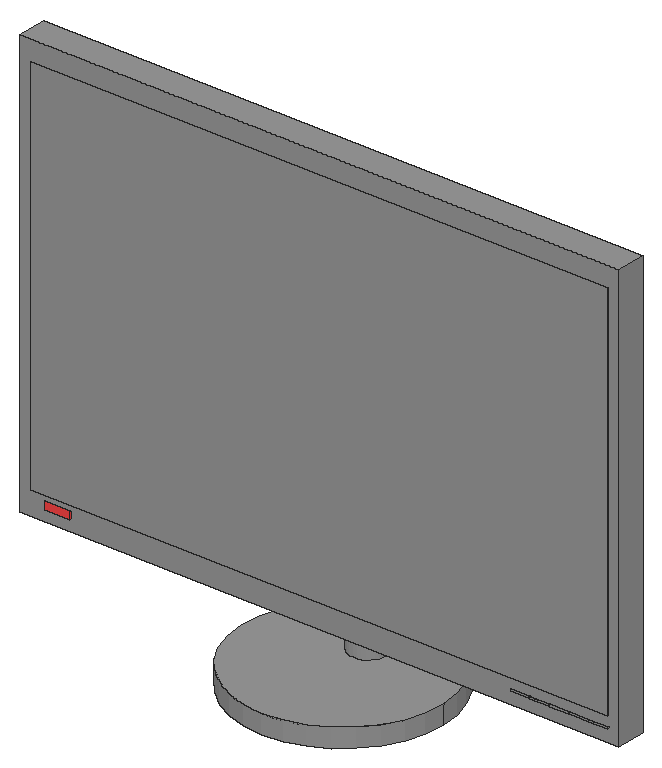
Revit family "Телевизор 32", category Оборудование, Revit 2017
Family settings
  Размер круглого соединителя = Использовать радиус
  Тип детали = Вставляется
  На основе рабочей плоскости = Нет
  Всегда вертикально = Да
  При загрузке вырезать с полостями = Нет
  Общий = Нет
  Точка расчета площади = Нет
Parameters (values of type "На подставке")
  Подставка = yes
  Общ_Тип, марка = ""
  Общ_Примечание = ""
  Общ_Поставщик = ""
  Общ_Позиция = ""
  Общ_Напряжение = 220 V
  Общ_Наименование = "Телевизор 32\""
  Общ_Мощность номинальная = 100 W
  Общ_Масса = ""
  Общ_Код продукции = ""
  Общ_Задание [instance] = "СС, ЭМ"
  Общ_Единицы измерения = "шт."
  Keynote = ""
  Изготовитель = "Severin"
Types (2, lengths in mm): name | Подставка | Общ_Наименование | Изготовитель
  На подставке | yes | "Телевизор 32\"" | "Severin"
  На настенном кронштейне | no | "Телевизор 32\" в комплекте с настенным кронштейном" | 0.0
Reference planes
  plane 1 "По центру (Вперед/Назад)": y = 0
  plane 2: z = 0
  plane 3 "По центру (Влево/Вправо)": x = 0
  plane 4: z = 134.965
Forms (mm)
  Extrusion 1, solid, material "Пластмасса, непрозрачная, черная", detail levels fine
    sketch origin (35.591, -0.256, -282.127) x (-1, 0, 0) y (0, 0, 1)
      loop
        line (-202.288, 670.678) -> (-202.288, 332.01) -> (272.712, 332.01) -> (272.712, 670.678) -> (-202.288, 670.678)
    from 0 to 23.225
  Extrusion 2, solid, material "Пластмасса, непрозрачная, черная", detail levels fine
    sketch origin (4.431, -1.256, -282.127) x (0, -1, 0) y (0, 0, 1)
      loop
        line (-23.225, 573.618) -> (-40.077, 569.103) -> (-40.077, 467.092) -> (-65, 467.092) -> (-65, 417.092) -> (-40.077, 417.092) -> (-40.077, 385.723) -> (-23.225, 382.751) -> (-23.225, 573.618)
    from -159.187 to 166.764
  Extrusion 3, solid, material "Пластмасса, непрозрачная, черная", detail levels fine
    sketch origin (-3.739, -22.108, -285.26) x (0, -1, 0) y (0, 0, 1)
      loop
        line (-83.272, 470.225) -> (-60.929, 470.225) -> (-60.929, 572.324) -> (-63.702, 568.119) -> (-63.702, 475.225) -> (-64.671, 475.225) -> (-64.671, 568.066) -> (-66.948, 568.066) -> (-66.948, 475.225) -> (-67.917, 475.225) -> (-67.917, 565.225) -> (-70.195, 565.225) -> (-70.195, 475.225) -> (-71.152, 475.225) -> (-71.152, 563.19) -> (-73.43, 563.19) -> (-73.43, 475.225) -> (-74.448, 475.225) -> (-74.448, 561.201) -> (-76.726, 561.201) -> (-76.726, 475.225) -> (-77.702, 475.225) -> (-77.702, 559.212) -> (-79.98, 559.212) -> (-79.98, 475.225) -> (-80.994, 475.225) -> (-80.994, 557.223) -> (-83.272, 557.223) -> (-83.272, 470.225)
    from -147.791 to 140.882
  Extrusion 4, solid, material "Пластмасса, непрозрачная, черная", detail levels fine
    sketch origin (16.684, -0.256, -277.957) x (-1, 0, 0) y (0, 0, 1)
      loop
        line (-135.047, 338.876) -> (-150.047, 338.876) -> (-150.047, 337.376) -> (-135.047, 337.376) -> (-135.047, 338.876)
    from -0.253 to 4.037
  Extrusion 5, solid, material "Пластмасса, непрозрачная, черная", detail levels fine
    sketch origin (32.331, -0.256, -277.957) x (-1, 0, 0) y (0, 0, 1)
      loop
        line (-135.047, 338.876) -> (-150.047, 338.876) -> (-150.047, 337.376) -> (-135.047, 337.376) -> (-135.047, 338.876)
    from -0.253 to 4.037
  Extrusion 6, solid, material "Пластмасса, непрозрачная, черная", detail levels fine
    sketch origin (47.979, -0.256, -277.957) x (-1, 0, 0) y (0, 0, 1)
      loop
        line (-135.047, 338.876) -> (-150.047, 338.876) -> (-150.047, 337.376) -> (-135.047, 337.376) -> (-135.047, 338.876)
    from -0.253 to 4.037
  Extrusion 7, solid, material "Пластмасса, непрозрачная, черная", detail levels fine
    sketch origin (63.627, -0.256, -277.957) x (-1, 0, 0) y (0, 0, 1)
      loop
        line (-135.047, 338.876) -> (-150.047, 338.876) -> (-150.047, 337.376) -> (-135.047, 337.376) -> (-135.047, 338.876)
    from -0.253 to 4.037
  Extrusion 8, solid, material "Пластмасса, непрозрачная, черная", detail levels fine
    sketch origin (79.274, -0.256, -277.957) x (-1, 0, 0) y (0, 0, 1)
      loop
        line (-135.047, 338.876) -> (-150.047, 338.876) -> (-150.047, 337.376) -> (-135.047, 337.376) -> (-135.047, 338.876)
    from -0.253 to 4.037
  Extrusion 9, solid, material "Стекло, матовое", detail levels fine
    sketch origin (0.379, -0.256, -787.338) x (-1, 0, 0) y (0, 0, 1)
      loop
        line (228.66, 1159.625) -> (-228.66, 1159.625) -> (-228.66, 855.888) -> (228.66, 855.888) -> (228.66, 1159.625)
    from 0 to 9.088
  Extrusion 10, solid, material "Типовые", detail levels fine
    sketch origin (0.379, -0.256, -787.338) x (-1, 0, 0) y (0, 0, 1)
      loop
        line (217.541, 851.698) -> (197.541, 851.698) -> (197.541, 845.698) -> (217.541, 845.698) -> (217.541, 851.698)
    from -0.085 to 5.76
  Extrusion 11, solid, material "Пластмасса, непрозрачная, черная", not visible
    sketch origin (309.748, 38.656, 509.381) x (1, 0, 0) y (0, 0, 1)
      loop
        line (-135.047, 338.876) -> (-150.047, 338.876) -> (-150.047, 337.376) -> (-135.047, 337.376) -> (-135.047, 338.876)
    from -0.253 to 4.037
  Extrusion 12, solid, material "Пластмасса, непрозрачная, черная", visible <- "Подставка"
    sketch origin (0, 17.744, 134.965) x (0, 1, 0) y (-1, 0, 0)
      loop
        circle (31, 0) r 15
    from 0 to -120
  Extrusion 13, solid, material "Пластмасса, непрозрачная, черная", visible <- "Подставка"
    sketch origin (0, 63.744, 134.965) x (0, 1, 0) y (-1, 0, 0)
      loop
        circle (-40.775, -0.379) r 80
    from -120 to -135
Lines and regions (mm)
  symbolic lines, detail levels coarse+medium
    curve 1: line (-312.333, 22.969, 0) -> (313.618, 22.969, 0)
    curve 2: line (-312.333, -0.256, 0) -> (-312.333, 22.969, 0)
    curve 3: line (313.618, -0.256, 0) -> (-312.333, -0.256, 0)
    curve 4: line (313.618, 22.969, 0) -> (313.618, -0.256, 0)
    curve 5: line (-162.333, 22.969, 0) -> (163.618, 22.969, 0)
    curve 6: line (-162.333, 63.744, 0) -> (-162.333, 22.969, 0)
    curve 7: line (163.618, 63.744, 0) -> (-162.333, 63.744, 0)
    curve 8: line (163.618, 22.969, 0) -> (163.618, 63.744, 0)
    curve 9: line (119.621, 63.744, 0) -> (-119.621, 63.744, 0)
  model lines, detail levels coarse+medium
    curve 10: line (0.379, 0, -0.035) -> (0.379, 0, -500.035)
Dimensions and locks
  Extrusion 1 sketch curve to Extrusion 1 sketch curve = 475.0 mm  (x2)
  Extrusion 1 sketch curve to Extrusion 1 sketch curve = 338.668 mm
  Extrusion 1 to Extrusion 2 sketch curve = 64.0 mm
  Extrusion 1 to Extrusion 1 = 583.371 mm
  aligned and locked: level to plane 2
Connectors
  electrical at (-207.162, 5.504, 61.36), driven by "Общ_Напряжение"
    settings: on Extrusion 10, index 1, voltage 220 V, apparent load 150 VA, apparent load phase1 0 VA, apparent load phase2 0 VA, apparent load phase3 0 VA, power factor 1, load classification "Прочее", number of poles 1, system type 30, power factor state 1, is connector primary yes, connector utility no, sub classification motor no, connector description ""
